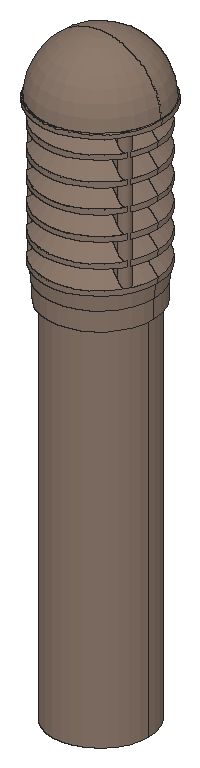
Revit family "BL5011", category Generic Models, Revit 2014
Parameters
  TOP CAP = Bronze, Architectural
  LOUVERS 02 = Bronze, Architectural
  LOUVERS = Bronze, Architectural
  LENS = Acrylic
  BODY = Bronze, Architectural
Reference planes (in)
  plane 1 "Center (Front/Back)": y = 0
  plane 2: z = 0
  plane 3 "Center (Left/Right)": x = 0
Forms (in)
  Revolve 1, solid, material "Bronze, Architectural" <- "TOP CAP"
    sketch origin (0, 0, 0) x (1, 0, 0) y (0, 0, 1)
      loop
        line (0, 31.62504) -> (0, 28.37502) -> (3.17862, 28.37502) -> (3.17094, 28.59487)
        arc (3.17094, 28.59487) -> (3.16211, 28.61619) -> (3.14078, 28.62502) r 0.03016
        line (3.14078, 28.62502) -> (3.10739, 28.62502)
        arc (3.10739, 28.62502) -> (2.15963, 30.75265) -> (0, 31.62504) r 3.10931
      axis (0, 31.62504) -> (0, 28.37502)
    angle from 0 to 360
  Revolve 2, solid, material "Bronze, Architectural" <- "BODY"
    sketch origin (0, 0, 0) x (1, 0, 0) y (0, 0, 1)
      loop
        line (0, 21.04555) -> (0, 19.29555) -> (2.74112, 19.29555) -> (2.74112, 20.29555) -> (2.80363, 20.29555) -> (2.86612, 21.04555) -> (0, 21.04555)
      axis (0, 19.29555) -> (0, 21.04555)
    angle from 0 to 360
  Revolve 3, solid, material "Bronze, Architectural" <- "BODY"
    sketch origin (0, 0, 0) x (1, 0, 0) y (0, 0, 1)
      loop
        line (2.49112, 0) -> (2.49112, 19.29555) -> (0, 19.29555) -> (0, 0) -> (2.49112, 0)
      axis (0, 19.29555) -> (0, 0)
    angle from 0 to 360
  Revolve 4, solid, material "Bronze, Architectural" <- "LOUVERS 02"
    sketch origin (0, 0, 0) x (1, 0, 0) y (0, 0, 1)
      loop
        line (0, 27.29555) -> (0, 26.04555) -> (2.95987, 26.04555) -> (2.95987, 26.29555) -> (2.05362, 27.29555) -> (0, 27.29555)
      axis (0, 27.29555) -> (0, 26.04555)
    angle from 0 to 360
  Revolve 5, solid, material "Bronze, Architectural" <- "LOUVERS 02"
    sketch origin (0, 0, 1.25) x (1, 0, 0) y (0, 0, 1)
      loop
        line (0, 27.29555) -> (0, 26.04555) -> (2.95987, 26.04555) -> (2.95987, 26.29555) -> (2.05362, 27.29555) -> (0, 27.29555)
      axis (0, 27.29555) -> (0, 26.04555)
    angle from 0 to 360
  Revolve 6, solid, material "Bronze, Architectural" <- "LOUVERS 02"
    sketch origin (0, 0, -1.25) x (1, 0, 0) y (0, 0, 1)
      loop
        line (0, 27.29555) -> (0, 26.04555) -> (2.95987, 26.04555) -> (2.95987, 26.29555) -> (2.05362, 27.29555) -> (0, 27.29555)
      axis (0, 27.29555) -> (0, 26.04555)
    angle from 0 to 360
  Revolve 7, solid, material "Bronze, Architectural" <- "LOUVERS 02"
    sketch origin (0, 0, -2.5) x (1, 0, 0) y (0, 0, 1)
      loop
        line (0, 27.29555) -> (0, 26.04555) -> (2.95987, 26.04555) -> (2.95987, 26.29555) -> (2.05362, 27.29555) -> (0, 27.29555)
      axis (0, 27.29555) -> (0, 26.04555)
    angle from 0 to 360
  Revolve 8, solid, material "Bronze, Architectural" <- "LOUVERS 02"
    sketch origin (0, 0, -3.75) x (1, 0, 0) y (0, 0, 1)
      loop
        line (0, 27.29555) -> (0, 26.04555) -> (2.95987, 26.04555) -> (2.95987, 26.29555) -> (2.05362, 27.29555) -> (0, 27.29555)
      axis (0, 27.29555) -> (0, 26.04555)
    angle from 0 to 360
  Revolve 9, solid, material "Bronze, Architectural" <- "LOUVERS 02"
    sketch origin (0, 0, -5) x (1, 0, 0) y (0, 0, 1)
      loop
        line (0, 27.29555) -> (0, 26.04555) -> (2.95987, 26.04555) -> (2.95987, 26.29555) -> (2.05362, 27.29555) -> (0, 27.29555)
      axis (0, 27.29555) -> (0, 26.04555)
    angle from 0 to 360
  Extrusion 10, solid, material "Bronze, Architectural" <- "LOUVERS"
    sketch origin (92.93009, -25.35804, 20.48503) x (0, 1, 0) y (-1, 0, 0)
      loop
        line (28.06952, 93.23336) -> (27.65514, 93.33634) -> (27.65514, 92.52384) -> (28.06952, 92.62681)
        arc (28.06952, 92.62681) -> (28.30666, 92.93009) -> (28.06952, 93.23336) r 0.3125
    from 0.81052 to 7.89
  Extrusion 11, solid, material "Bronze, Architectural" <- "LOUVERS"
    sketch origin (-24.50433, 93.15884, 20.48503) x (-0.866025, -0.5, 0) y (0.5, -0.866025, 0)
      loop
        line (28.06952, 93.23336) -> (27.65514, 93.33634) -> (27.65514, 92.52384) -> (28.06952, 92.62681)
        arc (28.06952, 92.62681) -> (28.30666, 92.93009) -> (28.06952, 93.23336) r 0.3125
    from 0.81052 to 7.89
  Extrusion 12, solid, material "Bronze, Architectural" <- "LOUVERS"
    sketch origin (-68.42575, -67.8008, 20.48503) x (0.866025, -0.5, 0) y (0.5, 0.866025, 0)
      loop
        line (28.06952, 93.23336) -> (27.65514, 93.33634) -> (27.65514, 92.52384) -> (28.06952, 92.62681)
        arc (28.06952, 92.62681) -> (28.30666, 92.93009) -> (28.06952, 93.23336) r 0.3125
    from 0.81052 to 7.89
  Extrusion 13, solid, material "Acrylic" <- "LENS"
    sketch origin (0, 0, 0) x (1, 0, 0) y (0, 1, 0)
      loop
        circle (0, 0) r 2.2971
    from 21.04555 to 28.54555
Dimensions and locks (in)
  aligned and locked: plane 2 to level
